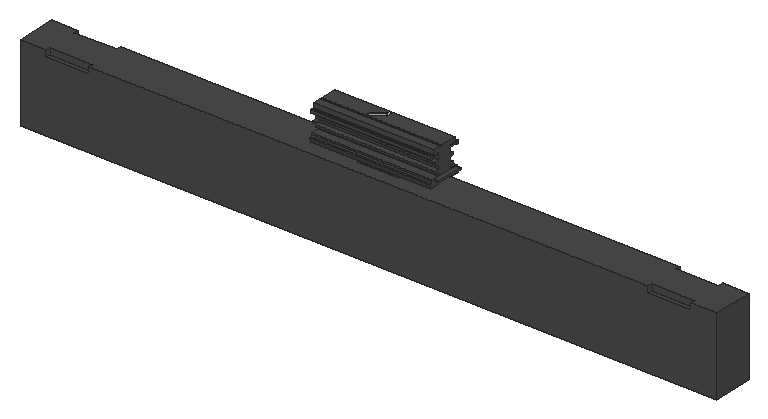
Revit family "DOT SINGLE HEAD RAIL 646_DTM30W6.5.36", category Luminarias, Revit 2019
Family settings
  Cota de conector redondo = Diámetro de uso
  Tipo de pieza = Normal
  Se basa en plano de trabajo = Sí
  Siempre vertical = Sí
  Corte con vacíos al cargar = No
  Origen de luz = Sí
  Compartido = No
  Punto de cálculo de habitación = No
Parameters (values of type "DOT SINGLE HEAD RAIL 646_DTM30W6.5.36")
  Ángulo de inclinación = 60.00°
  Zone [instance] = ""
  Watt per fixture = 30
  Wattage = 30 W
  built-in parameter 1150107 = 3000 (stored number, unit not read)
  built-in parameter 1150110 = 1 (stored number, unit not read)
  built-in parameter 1150109 = 1 (stored number, unit not read)
  built-in parameter 1150112 = 1 (stored number, unit not read)
  built-in parameter 1150113 = 1 (stored number, unit not read)
  built-in parameter 1114218 = 1 (stored number, unit not read)
  Keynote = ""
  built-in parameter 1150137 = (empty or 0)
  built-in parameter 1150132 = (empty or 0)
  Modelo = "DTM30W6.5.36"
  Lámpara = "3030SMD PHILIPS"
  built-in parameter 1150105 = 202.92 (stored number, unit not read)
  built-in parameter 1150102 = (empty or 0)
  built-in parameter 1150106 = 2.0292 (stored number, unit not read)
  Lumens = 2550 lm
  Color Filter = 16777215
  built-in parameter 1114217 = 1 (stored number, unit not read)
  built-in parameter 1150139 = (empty or 0)
  Fabricante = "BRILLANT"
  Default Elevation = 1219.2 mm
  built-in parameter 1150104 = 7.8968 (stored number, unit not read)
  Descripción = "LUMINARIA DOWNLIGHT EN FORMATO RECTANGULAR COMPATIBLE CON RIEL DE 6 ENTRADAS Y 3 CIRCUITOS CON CABEZAL PARA PODER DIRIGIR LA LUMINARIA HASTA 30 GRADOS, CUERPO DE ALUMINIO ACABADO EN COLOR NEGRO, IP 20, PESO 1.48Kg, TIPO DE LED 3030SMD PHILIPS CON 30W TOTAL, 1400 LUMENES, 85LM/W, IRC 90, TEMPERATURA EN BLANCO CALIDO 3000K, 50 MIL HORAS DE VIDA PROMEDIO, APERTURA DE 36 GRADOS POR PROYECTO, ALIMENTADO A 90-240V"
  built-in parameter 1150115 = 1 (stored number, unit not read)
  built-in parameter 1150114 = 1 (stored number, unit not read)
  Comentarios de vataje = "90-240V"
  built-in parameter 1150138 = (empty or 0)
  built-in parameter 1150134 = (empty or 0)
  Circuit [instance] = ""
  Dimming Lamp Color Temperature Shift = (empty or 0)
  Archivo de red fotométrica = "L646A-30W-830-B-36_IESNA95.IES"
  built-in parameter 1150133 = 10 (stored number, unit not read)
Reference planes
  plane 1 "Centro (Frontal/Posterior)": y = 0
  plane 2: z = 0
  plane 3 "Centro (Izquierda/Derecha)": x = 0
Forms (mm)
  Extrusion 1, solid, material "Default Form"
    sketch origin (0, 0, 0) x (1, 0, 0) y (0, 0, 1)
      loop
        line (-323, 0) -> (-323, -72) -> (323, -72) -> (323, 0) -> (-323, 0)
    from -18.326 to 18.326
  Blend 2, void
    base sketch origin (0, 0, 0) x (1, 0, 0) y (0, 1, 0)
      loop
        line (-162, 16.149) -> (-162, -16.149) -> (-144.14, -16.149) -> (-144.14, 16.149) -> (-162, 16.149)
    top sketch origin (0, 0, 0) x (1, 0, 0) y (0, 1, 0)
      loop
        line (-160, 12.149) -> (-160, -12.149) -> (-146.14, -12.149) -> (-146.14, 12.149) -> (-160, 12.149)
    from -72 to -61.591
  Blend 3, void
    base sketch origin (21.86, 0, 0) x (1, 0, 0) y (0, 1, 0)
      loop
        line (-162, 16.149) -> (-162, -16.149) -> (-144.14, -16.149) -> (-144.14, 16.149) -> (-162, 16.149)
    top sketch origin (21.86, 0, 0) x (1, 0, 0) y (0, 1, 0)
      loop
        line (-160, 12.149) -> (-160, -12.149) -> (-146.14, -12.149) -> (-146.14, 12.149) -> (-160, 12.149)
    from -72 to -61.591
  Blend 4, void
    base sketch origin (43.72, 0, 0) x (1, 0, 0) y (0, 1, 0)
      loop
        line (-162, 16.149) -> (-162, -16.149) -> (-144.14, -16.149) -> (-144.14, 16.149) -> (-162, 16.149)
    top sketch origin (43.72, 0, 0) x (1, 0, 0) y (0, 1, 0)
      loop
        line (-160, 12.149) -> (-160, -12.149) -> (-146.14, -12.149) -> (-146.14, 12.149) -> (-160, 12.149)
    from -72 to -61.591
  Blend 5, void
    base sketch origin (65.58, 0, 0) x (1, 0, 0) y (0, 1, 0)
      loop
        line (-162, 16.149) -> (-162, -16.149) -> (-144.14, -16.149) -> (-144.14, 16.149) -> (-162, 16.149)
    top sketch origin (65.58, 0, 0) x (1, 0, 0) y (0, 1, 0)
      loop
        line (-160, 12.149) -> (-160, -12.149) -> (-146.14, -12.149) -> (-146.14, 12.149) -> (-160, 12.149)
    from -72 to -61.591
  Blend 6, void
    base sketch origin (87.44, 0, 0) x (1, 0, 0) y (0, 1, 0)
      loop
        line (-162, 16.149) -> (-162, -16.149) -> (-144.14, -16.149) -> (-144.14, 16.149) -> (-162, 16.149)
    top sketch origin (87.44, 0, 0) x (1, 0, 0) y (0, 1, 0)
      loop
        line (-160, 12.149) -> (-160, -12.149) -> (-146.14, -12.149) -> (-146.14, 12.149) -> (-160, 12.149)
    from -72 to -61.591
  Blend 7, void
    base sketch origin (109.3, 0, 0) x (1, 0, 0) y (0, 1, 0)
      loop
        line (-162, 16.149) -> (-162, -16.149) -> (-144.14, -16.149) -> (-144.14, 16.149) -> (-162, 16.149)
    top sketch origin (109.3, 0, 0) x (1, 0, 0) y (0, 1, 0)
      loop
        line (-160, 12.149) -> (-160, -12.149) -> (-146.14, -12.149) -> (-146.14, 12.149) -> (-160, 12.149)
    from -72 to -61.591
  Blend 8, void
    base sketch origin (131.16, 0, 0) x (1, 0, 0) y (0, 1, 0)
      loop
        line (-162, 16.149) -> (-162, -16.149) -> (-144.14, -16.149) -> (-144.14, 16.149) -> (-162, 16.149)
    top sketch origin (131.16, 0, 0) x (1, 0, 0) y (0, 1, 0)
      loop
        line (-160, 12.149) -> (-160, -12.149) -> (-146.14, -12.149) -> (-146.14, 12.149) -> (-160, 12.149)
    from -72 to -61.591
  Blend 9, void
    base sketch origin (153.02, 0, 0) x (1, 0, 0) y (0, 1, 0)
      loop
        line (-162, 16.149) -> (-162, -16.149) -> (-144.14, -16.149) -> (-144.14, 16.149) -> (-162, 16.149)
    top sketch origin (153.02, 0, 0) x (1, 0, 0) y (0, 1, 0)
      loop
        line (-160, 12.149) -> (-160, -12.149) -> (-146.14, -12.149) -> (-146.14, 12.149) -> (-160, 12.149)
    from -72 to -61.591
  Blend 10, void
    base sketch origin (174.88, 0, 0) x (1, 0, 0) y (0, 1, 0)
      loop
        line (-162, 16.149) -> (-162, -16.149) -> (-144.14, -16.149) -> (-144.14, 16.149) -> (-162, 16.149)
    top sketch origin (174.88, 0, 0) x (1, 0, 0) y (0, 1, 0)
      loop
        line (-160, 12.149) -> (-160, -12.149) -> (-146.14, -12.149) -> (-146.14, 12.149) -> (-160, 12.149)
    from -72 to -61.591
  Blend 11, void
    base sketch origin (196.74, 0, 0) x (1, 0, 0) y (0, 1, 0)
      loop
        line (-162, 16.149) -> (-162, -16.149) -> (-144.14, -16.149) -> (-144.14, 16.149) -> (-162, 16.149)
    top sketch origin (196.74, 0, 0) x (1, 0, 0) y (0, 1, 0)
      loop
        line (-160, 12.149) -> (-160, -12.149) -> (-146.14, -12.149) -> (-146.14, 12.149) -> (-160, 12.149)
    from -72 to -61.591
  Blend 12, void
    base sketch origin (218.6, 0, 0) x (1, 0, 0) y (0, 1, 0)
      loop
        line (-162, 16.149) -> (-162, -16.149) -> (-144.14, -16.149) -> (-144.14, 16.149) -> (-162, 16.149)
    top sketch origin (218.6, 0, 0) x (1, 0, 0) y (0, 1, 0)
      loop
        line (-160, 12.149) -> (-160, -12.149) -> (-146.14, -12.149) -> (-146.14, 12.149) -> (-160, 12.149)
    from -72 to -61.591
  Blend 13, void
    base sketch origin (240.46, 0, 0) x (1, 0, 0) y (0, 1, 0)
      loop
        line (-162, 16.149) -> (-162, -16.149) -> (-144.14, -16.149) -> (-144.14, 16.149) -> (-162, 16.149)
    top sketch origin (240.46, 0, 0) x (1, 0, 0) y (0, 1, 0)
      loop
        line (-160, 12.149) -> (-160, -12.149) -> (-146.14, -12.149) -> (-146.14, 12.149) -> (-160, 12.149)
    from -72 to -61.591
  Blend 14, void
    base sketch origin (262.32, 0, 0) x (1, 0, 0) y (0, 1, 0)
      loop
        line (-162, 16.149) -> (-162, -16.149) -> (-144.14, -16.149) -> (-144.14, 16.149) -> (-162, 16.149)
    top sketch origin (262.32, 0, 0) x (1, 0, 0) y (0, 1, 0)
      loop
        line (-160, 12.149) -> (-160, -12.149) -> (-146.14, -12.149) -> (-146.14, 12.149) -> (-160, 12.149)
    from -72 to -61.591
  Blend 15, void
    base sketch origin (284.18, 0, 0) x (1, 0, 0) y (0, 1, 0)
      loop
        line (-162, 16.149) -> (-162, -16.149) -> (-144.14, -16.149) -> (-144.14, 16.149) -> (-162, 16.149)
    top sketch origin (284.18, 0, 0) x (1, 0, 0) y (0, 1, 0)
      loop
        line (-160, 12.149) -> (-160, -12.149) -> (-146.14, -12.149) -> (-146.14, 12.149) -> (-160, 12.149)
    from -72 to -61.591
  Blend 16, void
    base sketch origin (306.04, 0, 0) x (1, 0, 0) y (0, 1, 0)
      loop
        line (-162, 16.149) -> (-162, -16.149) -> (-144.14, -16.149) -> (-144.14, 16.149) -> (-162, 16.149)
    top sketch origin (306.04, 0, 0) x (1, 0, 0) y (0, 1, 0)
      loop
        line (-160, 12.149) -> (-160, -12.149) -> (-146.14, -12.149) -> (-146.14, 12.149) -> (-160, 12.149)
    from -72 to -61.591
  Extrusion 17, solid, material "Default Form"
    sketch origin (-55.628, 0, 7.5) x (0, 1, 0) y (0, 0, 1)
      loop
        line (-7.273, 1.74) -> (7.273, 1.74) -> (7.273, 0) -> (15.231, 0) -> (17.006, 4.494) -> (15.021, 4.494) -> (14.058, 5.868) -> (14.058, 7.166) -> (6.473, 7.166) -> (6.473, 9.324) -> (10.169, 10.163) -> (10.169, 12.464) -> (6.473, 13.302) -> (6.473, 16.66) -> (10.169, 17.499) -> (10.169, 19.8) -> (6.473, 20.638) -> (6.473, 25.016) -> (13.839, 25.016) -> (14.514, 24.341) -> (15.775, 24.341) -> (15.775, 27.171) -> (14.73, 27.171) -> (14.058, 26.499) -> (6.473, 26.499) -> (6.473, 27.299) -> (12.377, 27.299) -> (12.377, 31.471) -> (-2.744, 31.471) -> (-2.744, 30.671) -> (-5.514, 30.671) -> (-5.514, 31.471) -> (-12.377, 31.471) -> (-12.377, 27.299) -> (-6.473, 27.299) -> (-6.473, 26.499) -> (-14.058, 26.499) -> (-14.73, 27.171) -> (-15.775, 27.171) -> (-15.775, 24.341) -> (-14.514, 24.341) -> (-13.839, 25.016) -> (-6.473, 25.016) -> (-6.473, 20.638) -> (-10.169, 19.8) -> (-10.169, 17.499) -> (-6.473, 16.66) -> (-6.473, 13.302) -> (-10.169, 12.464) -> (-10.169, 10.163) -> (-6.473, 9.324) -> (-6.473, 7.166) -> (-14.058, 7.166) -> (-14.058, 5.868) -> (-15.021, 4.494) -> (-17.006, 4.494) -> (-15.231, 0) -> (-7.273, 0) -> (-7.273, 1.74)
    from 0 to 111.256
  Extrusion 18, solid, material "Default Form"
    sketch origin (0, 0, 0) x (1, 0, 0) y (0, 1, 0)
      loop
        line (-19.12, 6.873) -> (-19.12, -6.873) -> (19.12, -6.873) -> (19.12, 6.873) -> (-19.12, 6.873)
    from 0 to 2.67
  Extrusion 19, solid, material "Default Form"
    sketch origin (0, 0, 0) x (1, 0, 0) y (0, 1, 0)
      loop
        line (-10.93, 3.188) -> (-10.93, -3.188) -> (10.93, -3.188) -> (10.93, 3.188) -> (-10.93, 3.188)
    from 2.67 to 7.5
  Extrusion 20, void
    sketch origin (0, 0, 0) x (1, 0, 0) y (0, 1, 0)
      loop
        line (-259.42, 18.326) -> (-299.14, 18.326) -> (-299.14, 14.276) -> (-259.42, 14.276) -> (-259.42, 18.326)
      loop
        line (-299.14, -18.326) -> (-259.42, -18.326) -> (-259.42, -14.276) -> (-299.14, -14.276) -> (-299.14, -18.326)
      loop
        line (299.14, -18.326) -> (299.14, -14.276) -> (259.42, -14.276) -> (259.42, -18.326) -> (299.14, -18.326)
      loop
        line (299.14, 18.326) -> (259.42, 18.326) -> (259.42, 14.276) -> (299.14, 14.276) -> (299.14, 18.326)
    from -6.015 to 0
  Extrusion 21, solid, material "Acero Inoxidable"
    sketch origin (0, -1.594, 0) x (1, 0, 0) y (0, 0, -1)
      loop
        line (-15, -38.971) -> (3.794, -45.811) -> (4.341, -44.308) -> (3.589, -44.034) -> (3.316, -44.786) -> (-12.661, -38.971) -> (-15, -38.971)
    from 0 to 3.188
  Extrusion 22, solid, material "Default Form"
    sketch origin (0, 0, 0) x (1, 0, 0) y (0, 1, 0)
      loop
        line (-55.628, 6.473) -> (-66.331, 6.473) -> (-66.331, 0) -> (-55.628, 0) -> (-55.628, 6.473)
      loop
        line (55.628, 12.377) -> (55.628, -12.149) -> (60.628, -12.149) -> (60.628, 12.377) -> (55.628, 12.377)
    from 13.368 to 15
  Blend 23, void
    base sketch origin (-87.44, 0, 0) x (1, 0, 0) y (0, 1, 0)
      loop
        line (-162, 16.149) -> (-162, -16.149) -> (-144.14, -16.149) -> (-144.14, 16.149) -> (-162, 16.149)
    top sketch origin (-87.44, 0, 0) x (1, 0, 0) y (0, 1, 0)
      loop
        line (-160, 12.149) -> (-160, -12.149) -> (-146.14, -12.149) -> (-146.14, 12.149) -> (-160, 12.149)
    from -72 to -61.591
  Blend 24, void
    base sketch origin (-65.58, 0, 0) x (1, 0, 0) y (0, 1, 0)
      loop
        line (-162, 16.149) -> (-162, -16.149) -> (-144.14, -16.149) -> (-144.14, 16.149) -> (-162, 16.149)
    top sketch origin (-65.58, 0, 0) x (1, 0, 0) y (0, 1, 0)
      loop
        line (-160, 12.149) -> (-160, -12.149) -> (-146.14, -12.149) -> (-146.14, 12.149) -> (-160, 12.149)
    from -72 to -61.591
  Blend 25, void
    base sketch origin (-43.72, 0, 0) x (1, 0, 0) y (0, 1, 0)
      loop
        line (-162, 16.149) -> (-162, -16.149) -> (-144.14, -16.149) -> (-144.14, 16.149) -> (-162, 16.149)
    top sketch origin (-43.72, 0, 0) x (1, 0, 0) y (0, 1, 0)
      loop
        line (-160, 12.149) -> (-160, -12.149) -> (-146.14, -12.149) -> (-146.14, 12.149) -> (-160, 12.149)
    from -72 to -61.591
  Blend 26, void
    base sketch origin (-21.86, 0, 0) x (1, 0, 0) y (0, 1, 0)
      loop
        line (-162, 16.149) -> (-162, -16.149) -> (-144.14, -16.149) -> (-144.14, 16.149) -> (-162, 16.149)
    top sketch origin (-21.86, 0, 0) x (1, 0, 0) y (0, 1, 0)
      loop
        line (-160, 12.149) -> (-160, -12.149) -> (-146.14, -12.149) -> (-146.14, 12.149) -> (-160, 12.149)
    from -72 to -61.591
  Blend 27, void
    base sketch origin (-109.3, 0, 0) x (1, 0, 0) y (0, 1, 0)
      loop
        line (-162, 16.149) -> (-162, -16.149) -> (-144.14, -16.149) -> (-144.14, 16.149) -> (-162, 16.149)
    top sketch origin (-109.3, 0, 0) x (1, 0, 0) y (0, 1, 0)
      loop
        line (-160, 12.149) -> (-160, -12.149) -> (-146.14, -12.149) -> (-146.14, 12.149) -> (-160, 12.149)
    from -72 to -61.591
  Blend 28, void
    base sketch origin (327.9, 0, 0) x (1, 0, 0) y (0, 1, 0)
      loop
        line (-162, 16.149) -> (-162, -16.149) -> (-144.14, -16.149) -> (-144.14, 16.149) -> (-162, 16.149)
    top sketch origin (327.9, 0, 0) x (1, 0, 0) y (0, 1, 0)
      loop
        line (-160, 12.149) -> (-160, -12.149) -> (-146.14, -12.149) -> (-146.14, 12.149) -> (-160, 12.149)
    from -72 to -61.591
  Blend 29, void
    base sketch origin (349.76, 0, 0) x (1, 0, 0) y (0, 1, 0)
      loop
        line (-162, 16.149) -> (-162, -16.149) -> (-144.14, -16.149) -> (-144.14, 16.149) -> (-162, 16.149)
    top sketch origin (349.76, 0, 0) x (1, 0, 0) y (0, 1, 0)
      loop
        line (-160, 12.149) -> (-160, -12.149) -> (-146.14, -12.149) -> (-146.14, 12.149) -> (-160, 12.149)
    from -72 to -61.591
  Blend 30, void
    base sketch origin (371.62, 0, 0) x (1, 0, 0) y (0, 1, 0)
      loop
        line (-162, 16.149) -> (-162, -16.149) -> (-144.14, -16.149) -> (-144.14, 16.149) -> (-162, 16.149)
    top sketch origin (371.62, 0, 0) x (1, 0, 0) y (0, 1, 0)
      loop
        line (-160, 12.149) -> (-160, -12.149) -> (-146.14, -12.149) -> (-146.14, 12.149) -> (-160, 12.149)
    from -72 to -61.591
  Blend 31, void
    base sketch origin (393.48, 0, 0) x (1, 0, 0) y (0, 1, 0)
      loop
        line (-162, 16.149) -> (-162, -16.149) -> (-144.14, -16.149) -> (-144.14, 16.149) -> (-162, 16.149)
    top sketch origin (393.48, 0, 0) x (1, 0, 0) y (0, 1, 0)
      loop
        line (-160, 12.149) -> (-160, -12.149) -> (-146.14, -12.149) -> (-146.14, 12.149) -> (-160, 12.149)
    from -72 to -61.591
  Blend 32, void
    base sketch origin (415.34, 0, 0) x (1, 0, 0) y (0, 1, 0)
      loop
        line (-162, 16.149) -> (-162, -16.149) -> (-144.14, -16.149) -> (-144.14, 16.149) -> (-162, 16.149)
    top sketch origin (415.34, 0, 0) x (1, 0, 0) y (0, 1, 0)
      loop
        line (-160, 12.149) -> (-160, -12.149) -> (-146.14, -12.149) -> (-146.14, 12.149) -> (-160, 12.149)
    from -72 to -61.591
Cuts and joins
  Blend 2, Blend 3, Blend 4, Blend 5, Blend 6, Blend 7, Blend 8, Blend 9, Blend 10, Blend 11, Blend 12, Blend 13, Blend 14, Blend 15, Blend 16, Extrusion 20, Blend 23, Blend 24, Blend 25, Blend 26, Blend 27, Blend 28, Blend 29, Blend 30, Blend 31, Blend 32 cuts Extrusion 1
Dimensions and locks
  equal spacing: Extrusion 1, plane 1 "Centro (Frontal/Posterior)", Extrusion 1
  Extrusion 1 to plane 1 "Centro (Frontal/Posterior)" = 18.326 mm
  Extrusion 1 to Extrusion 1 = 36.651 mm
  Extrusion 1 to Extrusion 1 = 72 mm
  Extrusion 1 to Extrusion 1 = 646 mm
  cut or joined group 1 (Extrusion 1, Blend 2, Blend 3, Blend 4, Blend 5, Blend 6, Blend 7, Blend 8, Blend 9, Blend 10, Blend 11, Blend 12, Blend 13, Blend 14, Blend 15, Blend 16, Extrusion 20, Blend 23, Blend 24, Blend 25, Blend 26, Blend 27, Blend 28, Blend 29, Blend 30, Blend 31, Blend 32) to cut or joined group 1 = 72 mm
  cut or joined group 1 to cut or joined group 1 = 36.651 mm
  cut or joined group 1 to cut or joined group 1 = 646 mm
  equal spacing: cut or joined group 1, plane 1 "Centro (Frontal/Posterior)", cut or joined group 1
  cut or joined group 1 to cut or joined group 1 = 23.86 mm  (x2)
  aligned and locked: level to plane 2
  aligned and locked: Extrusion 19 to Extrusion 17
  aligned and locked: Extrusion 19 to Extrusion 18
Automatic sketch dimensions
  Extrusion 1 sketch curve to level = 0 mm
  Extrusion 1 sketch curve to level = 72 mm
  Extrusion 1 sketch curve to plane 3 "Centro (Izquierda/Derecha)" = 323 mm
  plane 3 "Centro (Izquierda/Derecha)" to Extrusion 1 sketch curve = 323 mm
  Blend 2 sketch curve to plane 1 "Centro (Frontal/Posterior)" = 16.149 mm
  Blend 2 sketch curve to plane 3 "Centro (Izquierda/Derecha)" = 162 mm
  Blend 2 sketch curve to Blend 2 sketch curve = 17.86 mm
  plane 1 "Centro (Frontal/Posterior)" to Blend 2 sketch curve = 16.149 mm
  Blend 2 sketch curve to plane 1 "Centro (Frontal/Posterior)" = 12.149 mm
  Blend 2 sketch curve to plane 3 "Centro (Izquierda/Derecha)" = 160 mm
  Blend 2 sketch curve to Blend 2 sketch curve = 13.86 mm
  plane 1 "Centro (Frontal/Posterior)" to Blend 2 sketch curve = 12.149 mm
  Blend 3 sketch curve to plane 1 "Centro (Frontal/Posterior)" = 16.149 mm
  Blend 3 sketch curve to plane 3 "Centro (Izquierda/Derecha)" = 140.14 mm
  Blend 3 sketch curve to Blend 3 sketch curve = 17.86 mm
  plane 1 "Centro (Frontal/Posterior)" to Blend 3 sketch curve = 16.149 mm
  Blend 3 sketch curve to plane 1 "Centro (Frontal/Posterior)" = 12.149 mm
  Blend 3 sketch curve to plane 3 "Centro (Izquierda/Derecha)" = 138.14 mm
  Blend 3 sketch curve to Blend 3 sketch curve = 13.86 mm
  plane 1 "Centro (Frontal/Posterior)" to Blend 3 sketch curve = 12.149 mm
  Blend 4 sketch curve to plane 1 "Centro (Frontal/Posterior)" = 16.149 mm
  Blend 4 sketch curve to plane 3 "Centro (Izquierda/Derecha)" = 118.28 mm
  Blend 4 sketch curve to Blend 4 sketch curve = 17.86 mm
  plane 1 "Centro (Frontal/Posterior)" to Blend 4 sketch curve = 16.149 mm
  Blend 4 sketch curve to plane 1 "Centro (Frontal/Posterior)" = 12.149 mm
  Blend 4 sketch curve to plane 3 "Centro (Izquierda/Derecha)" = 116.28 mm
  Blend 4 sketch curve to Blend 4 sketch curve = 13.86 mm
  plane 1 "Centro (Frontal/Posterior)" to Blend 4 sketch curve = 12.149 mm
  Blend 5 sketch curve to plane 1 "Centro (Frontal/Posterior)" = 16.149 mm
  Blend 5 sketch curve to plane 3 "Centro (Izquierda/Derecha)" = 96.42 mm
  Blend 5 sketch curve to Blend 5 sketch curve = 17.86 mm
  plane 1 "Centro (Frontal/Posterior)" to Blend 5 sketch curve = 16.149 mm
  Blend 5 sketch curve to plane 1 "Centro (Frontal/Posterior)" = 12.149 mm
  Blend 5 sketch curve to plane 3 "Centro (Izquierda/Derecha)" = 94.42 mm
  Blend 5 sketch curve to Blend 5 sketch curve = 13.86 mm
  plane 1 "Centro (Frontal/Posterior)" to Blend 5 sketch curve = 12.149 mm
  Blend 6 sketch curve to plane 1 "Centro (Frontal/Posterior)" = 16.149 mm
  Blend 6 sketch curve to plane 3 "Centro (Izquierda/Derecha)" = 74.56 mm
  Blend 6 sketch curve to Blend 6 sketch curve = 17.86 mm
  plane 1 "Centro (Frontal/Posterior)" to Blend 6 sketch curve = 16.149 mm
  Blend 6 sketch curve to plane 1 "Centro (Frontal/Posterior)" = 12.149 mm
  Blend 6 sketch curve to plane 3 "Centro (Izquierda/Derecha)" = 72.56 mm
  Blend 6 sketch curve to Blend 6 sketch curve = 13.86 mm
  plane 1 "Centro (Frontal/Posterior)" to Blend 6 sketch curve = 12.149 mm
  Blend 7 sketch curve to plane 1 "Centro (Frontal/Posterior)" = 16.149 mm
  Blend 7 sketch curve to plane 3 "Centro (Izquierda/Derecha)" = 52.7 mm
  Blend 7 sketch curve to Blend 7 sketch curve = 17.86 mm
  plane 1 "Centro (Frontal/Posterior)" to Blend 7 sketch curve = 16.149 mm
  Blend 7 sketch curve to plane 1 "Centro (Frontal/Posterior)" = 12.149 mm
  Blend 7 sketch curve to plane 3 "Centro (Izquierda/Derecha)" = 50.7 mm
  Blend 7 sketch curve to Blend 7 sketch curve = 13.86 mm
  plane 1 "Centro (Frontal/Posterior)" to Blend 7 sketch curve = 12.149 mm
  Blend 8 sketch curve to plane 3 "Centro (Izquierda/Derecha)" = 30.84 mm
  Blend 8 sketch curve to plane 3 "Centro (Izquierda/Derecha)" = 12.98 mm
  plane 1 "Centro (Frontal/Posterior)" to Blend 8 sketch curve = 16.149 mm
  Blend 8 sketch curve to plane 1 "Centro (Frontal/Posterior)" = 16.149 mm
  Blend 8 sketch curve to plane 1 "Centro (Frontal/Posterior)" = 12.149 mm
  Blend 8 sketch curve to plane 3 "Centro (Izquierda/Derecha)" = 28.84 mm
  Blend 8 sketch curve to Blend 8 sketch curve = 13.86 mm
  plane 1 "Centro (Frontal/Posterior)" to Blend 8 sketch curve = 12.149 mm
  Blend 9 sketch curve to plane 3 "Centro (Izquierda/Derecha)" = 8.98 mm
  plane 3 "Centro (Izquierda/Derecha)" to Blend 9 sketch curve = 8.88 mm
  plane 1 "Centro (Frontal/Posterior)" to Blend 9 sketch curve = 16.149 mm
  Blend 9 sketch curve to plane 1 "Centro (Frontal/Posterior)" = 16.149 mm
  Blend 9 sketch curve to plane 3 "Centro (Izquierda/Derecha)" = 6.98 mm
  plane 3 "Centro (Izquierda/Derecha)" to Blend 9 sketch curve = 6.88 mm
  plane 1 "Centro (Frontal/Posterior)" to Blend 9 sketch curve = 12.149 mm
  Blend 9 sketch curve to plane 1 "Centro (Frontal/Posterior)" = 12.149 mm
  plane 3 "Centro (Izquierda/Derecha)" to Blend 10 sketch curve = 12.88 mm
  Blend 10 sketch curve to Blend 10 sketch curve = 17.86 mm
  plane 1 "Centro (Frontal/Posterior)" to Blend 10 sketch curve = 16.149 mm
  Blend 10 sketch curve to plane 1 "Centro (Frontal/Posterior)" = 16.149 mm
  plane 3 "Centro (Izquierda/Derecha)" to Blend 10 sketch curve = 14.88 mm
  Blend 10 sketch curve to Blend 10 sketch curve = 13.86 mm
  plane 1 "Centro (Frontal/Posterior)" to Blend 10 sketch curve = 12.149 mm
  Blend 10 sketch curve to plane 1 "Centro (Frontal/Posterior)" = 12.149 mm
  Blend 11 sketch curve to plane 1 "Centro (Frontal/Posterior)" = 16.149 mm
  plane 3 "Centro (Izquierda/Derecha)" to Blend 11 sketch curve = 34.74 mm
  Blend 11 sketch curve to Blend 11 sketch curve = 17.86 mm
  plane 1 "Centro (Frontal/Posterior)" to Blend 11 sketch curve = 16.149 mm
  Blend 11 sketch curve to plane 1 "Centro (Frontal/Posterior)" = 12.149 mm
  plane 3 "Centro (Izquierda/Derecha)" to Blend 11 sketch curve = 36.74 mm
  Blend 11 sketch curve to Blend 11 sketch curve = 13.86 mm
  plane 1 "Centro (Frontal/Posterior)" to Blend 11 sketch curve = 12.149 mm
  Blend 12 sketch curve to plane 1 "Centro (Frontal/Posterior)" = 16.149 mm
  plane 3 "Centro (Izquierda/Derecha)" to Blend 12 sketch curve = 56.6 mm
  Blend 12 sketch curve to Blend 12 sketch curve = 17.86 mm
  plane 1 "Centro (Frontal/Posterior)" to Blend 12 sketch curve = 16.149 mm
  Blend 12 sketch curve to plane 1 "Centro (Frontal/Posterior)" = 12.149 mm
  plane 3 "Centro (Izquierda/Derecha)" to Blend 12 sketch curve = 58.6 mm
  Blend 12 sketch curve to Blend 12 sketch curve = 13.86 mm
  plane 1 "Centro (Frontal/Posterior)" to Blend 12 sketch curve = 12.149 mm
  Blend 13 sketch curve to plane 1 "Centro (Frontal/Posterior)" = 16.149 mm
  plane 3 "Centro (Izquierda/Derecha)" to Blend 13 sketch curve = 78.46 mm
  Blend 13 sketch curve to Blend 13 sketch curve = 17.86 mm
  plane 1 "Centro (Frontal/Posterior)" to Blend 13 sketch curve = 16.149 mm
  Blend 13 sketch curve to plane 1 "Centro (Frontal/Posterior)" = 12.149 mm
  plane 3 "Centro (Izquierda/Derecha)" to Blend 13 sketch curve = 80.46 mm
  Blend 13 sketch curve to Blend 13 sketch curve = 13.86 mm
  plane 1 "Centro (Frontal/Posterior)" to Blend 13 sketch curve = 12.149 mm
  Blend 14 sketch curve to plane 1 "Centro (Frontal/Posterior)" = 16.149 mm
  plane 3 "Centro (Izquierda/Derecha)" to Blend 14 sketch curve = 100.32 mm
  Blend 14 sketch curve to Blend 14 sketch curve = 17.86 mm
  plane 1 "Centro (Frontal/Posterior)" to Blend 14 sketch curve = 16.149 mm
  Blend 14 sketch curve to plane 1 "Centro (Frontal/Posterior)" = 12.149 mm
  plane 3 "Centro (Izquierda/Derecha)" to Blend 14 sketch curve = 102.32 mm
  Blend 14 sketch curve to Blend 14 sketch curve = 13.86 mm
  plane 1 "Centro (Frontal/Posterior)" to Blend 14 sketch curve = 12.149 mm
  Blend 15 sketch curve to plane 1 "Centro (Frontal/Posterior)" = 16.149 mm
  plane 3 "Centro (Izquierda/Derecha)" to Blend 15 sketch curve = 122.18 mm
  Blend 15 sketch curve to Blend 15 sketch curve = 17.86 mm
  plane 1 "Centro (Frontal/Posterior)" to Blend 15 sketch curve = 16.149 mm
  Blend 15 sketch curve to plane 1 "Centro (Frontal/Posterior)" = 12.149 mm
  plane 3 "Centro (Izquierda/Derecha)" to Blend 15 sketch curve = 124.18 mm
  Blend 15 sketch curve to Blend 15 sketch curve = 13.86 mm
  plane 1 "Centro (Frontal/Posterior)" to Blend 15 sketch curve = 12.149 mm
  Blend 16 sketch curve to plane 1 "Centro (Frontal/Posterior)" = 16.149 mm
  plane 3 "Centro (Izquierda/Derecha)" to Blend 16 sketch curve = 144.04 mm
  Blend 16 sketch curve to Blend 16 sketch curve = 17.86 mm
  plane 1 "Centro (Frontal/Posterior)" to Blend 16 sketch curve = 16.149 mm
  Blend 16 sketch curve to plane 1 "Centro (Frontal/Posterior)" = 12.149 mm
  plane 3 "Centro (Izquierda/Derecha)" to Blend 16 sketch curve = 146.04 mm
  Blend 16 sketch curve to Blend 16 sketch curve = 13.86 mm
  plane 1 "Centro (Frontal/Posterior)" to Blend 16 sketch curve = 12.149 mm
  plane 1 "Centro (Frontal/Posterior)" to Extrusion 17 sketch curve = 17.006 mm
  plane 1 "Centro (Frontal/Posterior)" to Extrusion 17 sketch curve = 15.775 mm
  level to Extrusion 17 sketch curve = 7.5 mm  (x2)
  Extrusion 17 sketch curve to Extrusion 17 sketch curve = 1.775 mm
  Extrusion 17 sketch curve to Extrusion 17 sketch curve = 1.985 mm  (x2)
  Extrusion 17 sketch curve to Extrusion 17 sketch curve = 1.045 mm
  Extrusion 17 sketch curve to Extrusion 17 sketch curve = 1.261 mm  (x2)
  Extrusion 17 sketch curve to Extrusion 17 sketch curve = 0.963 mm  (x2)
  Extrusion 17 sketch curve to Extrusion 17 sketch curve = 0.672 mm  (x4)
  Extrusion 17 sketch curve to Extrusion 17 sketch curve = 0.675 mm  (x3)
  Extrusion 17 sketch curve to Extrusion 17 sketch curve = 2.354 mm
  Extrusion 17 sketch curve to Extrusion 17 sketch curve = 4.345 mm
  Extrusion 17 sketch curve to Extrusion 17 sketch curve = 3.89 mm  (x2)
  plane 1 "Centro (Frontal/Posterior)" to Extrusion 17 sketch curve = 7.273 mm
  Extrusion 17 sketch curve to Extrusion 17 sketch curve = 3.696 mm  (x4)
  Extrusion 17 sketch curve to Extrusion 17 sketch curve = 5.904 mm  (x2)
  Extrusion 17 sketch curve to Extrusion 17 sketch curve = 0 mm  (x3)
  Extrusion 17 sketch curve to Extrusion 17 sketch curve = 0.959 mm
  plane 1 "Centro (Frontal/Posterior)" to Extrusion 17 sketch curve = 2.744 mm
  Extrusion 17 sketch curve to plane 1 "Centro (Frontal/Posterior)" = 6.473 mm  (x2)
  Extrusion 17 sketch curve to Extrusion 17 sketch curve = 0.8 mm  (x3)
  Extrusion 17 sketch curve to Extrusion 17 sketch curve = 1.462 mm
  Extrusion 17 sketch curve to Extrusion 17 sketch curve = 0.22 mm
  Extrusion 17 sketch curve to Extrusion 17 sketch curve = 0.21 mm
  Extrusion 17 sketch curve to Extrusion 17 sketch curve = 1.74 mm
  Extrusion 17 sketch curve to Extrusion 17 sketch curve = 4.494 mm  (x2)
  Extrusion 17 sketch curve to Extrusion 17 sketch curve = 1.375 mm  (x2)
  Extrusion 17 sketch curve to Extrusion 17 sketch curve = 5.426 mm  (x2)
  Extrusion 17 sketch curve to Extrusion 17 sketch curve = 2.158 mm  (x2)
  Extrusion 17 sketch curve to Extrusion 17 sketch curve = 0.839 mm  (x8)
  Extrusion 17 sketch curve to Extrusion 17 sketch curve = 2.301 mm  (x4)
  Extrusion 17 sketch curve to Extrusion 17 sketch curve = 3.358 mm  (x2)
  Extrusion 17 sketch curve to Extrusion 17 sketch curve = 4.541 mm  (x2)
  Extrusion 17 sketch curve to Extrusion 17 sketch curve = 4.378 mm
  Extrusion 17 sketch curve to Extrusion 17 sketch curve = 1.483 mm  (x2)
  Extrusion 17 sketch curve to Extrusion 17 sketch curve = 3.372 mm
  Extrusion 17 sketch curve to Extrusion 17 sketch curve = 4.172 mm  (x2)
  plane 1 "Centro (Frontal/Posterior)" to Extrusion 18 sketch curve = 6.873 mm
  Extrusion 18 sketch curve to plane 3 "Centro (Izquierda/Derecha)" = 19.12 mm
  plane 3 "Centro (Izquierda/Derecha)" to Extrusion 18 sketch curve = 19.12 mm
  Extrusion 18 sketch curve to plane 1 "Centro (Frontal/Posterior)" = 6.873 mm
  plane 1 "Centro (Frontal/Posterior)" to Extrusion 19 sketch curve = 3.188 mm
  Extrusion 19 sketch curve to plane 3 "Centro (Izquierda/Derecha)" = 10.93 mm
  plane 3 "Centro (Izquierda/Derecha)" to Extrusion 19 sketch curve = 10.93 mm
  Extrusion 19 sketch curve to plane 1 "Centro (Frontal/Posterior)" = 3.188 mm
  plane 1 "Centro (Frontal/Posterior)" to Extrusion 20 sketch curve = 18.326 mm
  Extrusion 20 sketch curve to plane 3 "Centro (Izquierda/Derecha)" = 299.14 mm
  Extrusion 20 sketch curve to Extrusion 20 sketch curve = 0 mm  (x4)
  Extrusion 20 sketch curve to Extrusion 20 sketch curve = 39.72 mm  (x2)
  plane 1 "Centro (Frontal/Posterior)" to Extrusion 20 sketch curve = 14.276 mm
  plane 3 "Centro (Izquierda/Derecha)" to Extrusion 20 sketch curve = 259.42 mm
  Extrusion 20 sketch curve to plane 1 "Centro (Frontal/Posterior)" = 18.326 mm
  Extrusion 20 sketch curve to Extrusion 20 sketch curve = 4.049 mm  (x4)
  Extrusion 20 sketch curve to plane 1 "Centro (Frontal/Posterior)" = 14.276 mm
  Extrusion 21 sketch curve to plane 3 "Centro (Izquierda/Derecha)" = 15 mm
  Extrusion 21 sketch curve to Extrusion 21 sketch curve = 2.339 mm
  plane 3 "Centro (Izquierda/Derecha)" to Extrusion 21 sketch curve = 3.316 mm
  Extrusion 21 sketch curve to Extrusion 21 sketch curve = 0.274 mm
  Extrusion 21 sketch curve to Extrusion 21 sketch curve = 0.478 mm
  Extrusion 21 sketch curve to Extrusion 21 sketch curve = 0.752 mm
  level to Extrusion 21 sketch curve = 45.811 mm
  plane 1 "Centro (Frontal/Posterior)" to Extrusion 22 sketch curve = 0 mm
  Extrusion 22 sketch curve to plane 1 "Centro (Frontal/Posterior)" = 6.473 mm
  Extrusion 22 sketch curve to plane 3 "Centro (Izquierda/Derecha)" = 66.331 mm
  Extrusion 22 sketch curve to Extrusion 22 sketch curve = 10.703 mm
  Extrusion 22 sketch curve to plane 1 "Centro (Frontal/Posterior)" = 12.377 mm
  plane 3 "Centro (Izquierda/Derecha)" to Extrusion 22 sketch curve = 55.628 mm
  Extrusion 22 sketch curve to Extrusion 22 sketch curve = 5 mm
  plane 1 "Centro (Frontal/Posterior)" to Extrusion 22 sketch curve = 12.149 mm
  Blend 23 sketch curve to plane 1 "Centro (Frontal/Posterior)" = 16.149 mm
  Blend 23 sketch curve to plane 3 "Centro (Izquierda/Derecha)" = 249.44 mm
  Blend 23 sketch curve to Blend 23 sketch curve = 17.86 mm
  plane 1 "Centro (Frontal/Posterior)" to Blend 23 sketch curve = 16.149 mm
  Blend 23 sketch curve to plane 1 "Centro (Frontal/Posterior)" = 12.149 mm
  Blend 23 sketch curve to plane 3 "Centro (Izquierda/Derecha)" = 247.44 mm
  Blend 23 sketch curve to Blend 23 sketch curve = 13.86 mm
  plane 1 "Centro (Frontal/Posterior)" to Blend 23 sketch curve = 12.149 mm
  Blend 24 sketch curve to plane 1 "Centro (Frontal/Posterior)" = 16.149 mm
  Blend 24 sketch curve to plane 3 "Centro (Izquierda/Derecha)" = 227.58 mm
  Blend 24 sketch curve to Blend 24 sketch curve = 17.86 mm
  plane 1 "Centro (Frontal/Posterior)" to Blend 24 sketch curve = 16.149 mm
  Blend 24 sketch curve to plane 1 "Centro (Frontal/Posterior)" = 12.149 mm
  Blend 24 sketch curve to plane 3 "Centro (Izquierda/Derecha)" = 225.58 mm
  Blend 24 sketch curve to Blend 24 sketch curve = 13.86 mm
  plane 1 "Centro (Frontal/Posterior)" to Blend 24 sketch curve = 12.149 mm
  Blend 25 sketch curve to plane 1 "Centro (Frontal/Posterior)" = 16.149 mm
  Blend 25 sketch curve to plane 3 "Centro (Izquierda/Derecha)" = 205.72 mm
  Blend 25 sketch curve to Blend 25 sketch curve = 17.86 mm
  plane 1 "Centro (Frontal/Posterior)" to Blend 25 sketch curve = 16.149 mm
  Blend 25 sketch curve to plane 1 "Centro (Frontal/Posterior)" = 12.149 mm
  Blend 25 sketch curve to plane 3 "Centro (Izquierda/Derecha)" = 203.72 mm
  Blend 25 sketch curve to Blend 25 sketch curve = 13.86 mm
  plane 1 "Centro (Frontal/Posterior)" to Blend 25 sketch curve = 12.149 mm
  Blend 26 sketch curve to plane 1 "Centro (Frontal/Posterior)" = 16.149 mm
  Blend 26 sketch curve to plane 3 "Centro (Izquierda/Derecha)" = 183.86 mm
  Blend 26 sketch curve to Blend 26 sketch curve = 17.86 mm
  plane 1 "Centro (Frontal/Posterior)" to Blend 26 sketch curve = 16.149 mm
  Blend 26 sketch curve to plane 1 "Centro (Frontal/Posterior)" = 12.149 mm
  Blend 26 sketch curve to plane 3 "Centro (Izquierda/Derecha)" = 181.86 mm
  Blend 26 sketch curve to Blend 26 sketch curve = 13.86 mm
  plane 1 "Centro (Frontal/Posterior)" to Blend 26 sketch curve = 12.149 mm
  Blend 27 sketch curve to plane 1 "Centro (Frontal/Posterior)" = 16.149 mm
  Blend 27 sketch curve to plane 3 "Centro (Izquierda/Derecha)" = 271.3 mm
  Blend 27 sketch curve to Blend 27 sketch curve = 17.86 mm
  plane 1 "Centro (Frontal/Posterior)" to Blend 27 sketch curve = 16.149 mm
  Blend 27 sketch curve to plane 1 "Centro (Frontal/Posterior)" = 12.149 mm
  Blend 27 sketch curve to plane 3 "Centro (Izquierda/Derecha)" = 269.3 mm
  Blend 27 sketch curve to Blend 27 sketch curve = 13.86 mm
  plane 1 "Centro (Frontal/Posterior)" to Blend 27 sketch curve = 12.149 mm
  Blend 28 sketch curve to plane 1 "Centro (Frontal/Posterior)" = 16.149 mm
  plane 3 "Centro (Izquierda/Derecha)" to Blend 28 sketch curve = 165.9 mm
  Blend 28 sketch curve to Blend 28 sketch curve = 17.86 mm
  plane 1 "Centro (Frontal/Posterior)" to Blend 28 sketch curve = 16.149 mm
  Blend 28 sketch curve to plane 1 "Centro (Frontal/Posterior)" = 12.149 mm
  plane 3 "Centro (Izquierda/Derecha)" to Blend 28 sketch curve = 167.9 mm
  Blend 28 sketch curve to Blend 28 sketch curve = 13.86 mm
  plane 1 "Centro (Frontal/Posterior)" to Blend 28 sketch curve = 12.149 mm
  Blend 29 sketch curve to plane 1 "Centro (Frontal/Posterior)" = 16.149 mm
  plane 3 "Centro (Izquierda/Derecha)" to Blend 29 sketch curve = 187.76 mm
  Blend 29 sketch curve to Blend 29 sketch curve = 17.86 mm
  plane 1 "Centro (Frontal/Posterior)" to Blend 29 sketch curve = 16.149 mm
  Blend 29 sketch curve to plane 1 "Centro (Frontal/Posterior)" = 12.149 mm
  plane 3 "Centro (Izquierda/Derecha)" to Blend 29 sketch curve = 189.76 mm
  Blend 29 sketch curve to Blend 29 sketch curve = 13.86 mm
  plane 1 "Centro (Frontal/Posterior)" to Blend 29 sketch curve = 12.149 mm
  Blend 30 sketch curve to plane 1 "Centro (Frontal/Posterior)" = 16.149 mm
  plane 3 "Centro (Izquierda/Derecha)" to Blend 30 sketch curve = 209.62 mm
  Blend 30 sketch curve to Blend 30 sketch curve = 17.86 mm
  plane 1 "Centro (Frontal/Posterior)" to Blend 30 sketch curve = 16.149 mm
  Blend 30 sketch curve to plane 1 "Centro (Frontal/Posterior)" = 12.149 mm
  plane 3 "Centro (Izquierda/Derecha)" to Blend 30 sketch curve = 211.62 mm
  Blend 30 sketch curve to Blend 30 sketch curve = 13.86 mm
  plane 1 "Centro (Frontal/Posterior)" to Blend 30 sketch curve = 12.149 mm
  Blend 31 sketch curve to plane 1 "Centro (Frontal/Posterior)" = 16.149 mm
  plane 3 "Centro (Izquierda/Derecha)" to Blend 31 sketch curve = 231.48 mm
  Blend 31 sketch curve to Blend 31 sketch curve = 17.86 mm
  plane 1 "Centro (Frontal/Posterior)" to Blend 31 sketch curve = 16.149 mm
  Blend 31 sketch curve to plane 1 "Centro (Frontal/Posterior)" = 12.149 mm
  plane 3 "Centro (Izquierda/Derecha)" to Blend 31 sketch curve = 233.48 mm
  Blend 31 sketch curve to Blend 31 sketch curve = 13.86 mm
  plane 1 "Centro (Frontal/Posterior)" to Blend 31 sketch curve = 12.149 mm
  Blend 32 sketch curve to plane 1 "Centro (Frontal/Posterior)" = 16.149 mm
  plane 3 "Centro (Izquierda/Derecha)" to Blend 32 sketch curve = 253.34 mm
  Blend 32 sketch curve to Blend 32 sketch curve = 17.86 mm
  plane 1 "Centro (Frontal/Posterior)" to Blend 32 sketch curve = 16.149 mm
  Blend 32 sketch curve to plane 1 "Centro (Frontal/Posterior)" = 12.149 mm
  plane 3 "Centro (Izquierda/Derecha)" to Blend 32 sketch curve = 255.34 mm
  Blend 32 sketch curve to Blend 32 sketch curve = 13.86 mm
  plane 1 "Centro (Frontal/Posterior)" to Blend 32 sketch curve = 12.149 mm
Connectors
  electrical at (0, 0, 0)
    settings: on cut or joined group 1, index 1, voltage 240 V, apparent load 0 VA, apparent load phase1 0 VA, apparent load phase2 0 VA, apparent load phase3 0 VA, power factor 1, load classification "Otro", number of poles 1, system type 31, power factor state 1, is connector primary yes, connector utility no, sub classification motor no, connector description ""
